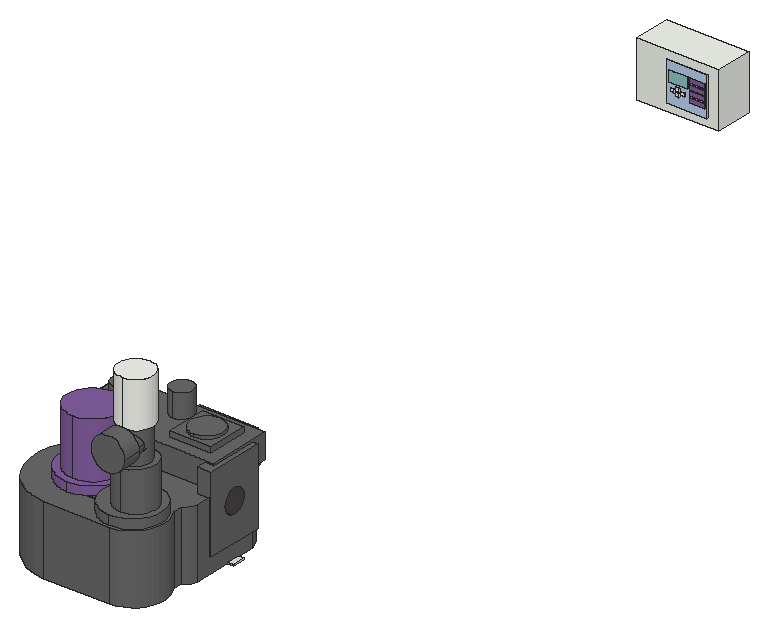
Revit family "28754", category Generic Models, Revit 2021
Family settings
  Can host rebar = No
  Round Connector Dimension = Use Diameter
  Part Type = Normal
  Work Plane-Based = No
  Always vertical = Yes
  Cut with Voids When Loaded = No
  Shared = Yes
  Room Calculation Point = No
Parameters (values of type "28754")
  SUPPLIER = "KESSEL"
  SA700ID50 = "intern"
  SA700ID49 = "Protection Class I"
  SA700ID48 = "no"
  SA700ID47 = "no"
  SA700ID46 = "yes"
  SA700ID37 = 16000 mm
  SA700ID34 = 47
  SA700ID33 = 3.2 W
  SA700ID32 = 49.16 kg
  SA700ID31 = 1
  SA700ID30 = 1
  SA700ID29 = "GLRD"
  SA700ID21 = 1600
  SA700ID10 = "yes"
  SA700ID08 = 400 V
  PROCUREWEBLINK = "https://p.caden.as/kessel/28754"
  PROCURELINK = "p.caden.as/kessel/28754"
  PROCUREDATALASTUPDATE = "2024-05-22T12:18:22.495727613+01:00"
  PRC_SPECIFICATIONLINK = "https://ausschreiben.de/catalog/kessel/catalogItem/5719afa3-e818-4f39-a7dc-ca60df235c69"
  NN = "Lifting station Aqualift F"
  NBSYN = "$SA810ID03."
  NB = "28754"
  Model = "28754"
  Manufacturer = "KESSEL"
  MIdent = "{$CADENAS_DATA/23d-libs/kessel/kessel_vdi_import/4/entwaesserung/hebeanlage20aqualift20f.prj},198 {STYP=ASS},{VTYP=3D},{NB=28754},{LINA=28754},{NN=Lifting station Aqualift F},{DATE=21.11.2022 10:45:45},{GEOMDATE=21.11.2022 10:45:45},{VERSION=},{LINEID=100},{WBVAR=LODLEVEL},{WBNUMERIC=LODLEVEL}  {NB=28754},{LINA=28754},{KT=DUMMY},{PREVIEW=../../bilder/ksb_w_28754.png},{SA700ID04=Hebeanlage Aqualift F, Mono, Comfort, SPF 3000-S3, Schieber},{SA810ID06=04026092054543},{SA700ID34=47.00},{SA010ID03=201805},{SA810ID03=28754},{SA810ID10=Die Hebeanlage für fäkalienhaltiges und fäkalienfreies Abwasser ist mit einer überflutbaren Pumpe sowie einem Rückflussverhinderer ausgestattet. Der Sammelbehälter aus dauerhaft beständigem Kunststoff (PE) bietet universale Anschlussmöglichkeiten und hat eine verschraubte Reinigungsöffnung.Die Steuerung erfolgt durch ein anwenderfreundliches Schaltgerät, das optional über einen potentialfreien Kontakt in die Gebäudeleittechnik eingebunden werden oder Alarm- und Sammelstörmeldungen über eine GSM-Schnittstelle (Comfort Schaltgerät) ausgeben kann.Ausführung:Absperreinrichtung: Schieber aus KunststoffAnlagenart: EinzelanlagePumpensteuerung: SchaltgerätRückflussverhinderer: integriertSchalldämmmatte: jaEinbausituation: freie AufstellungAbwasserart: fäkalienhaltigAllgemeine Merkmale:Farbe: schwarzNorm: EN 12050-1Abmessungen:Länge: 564 mmBreite: 525 mmHöhe: 664 mmBehälter/Grundkörper:Zulauf Anzahl: 1 STZulauf Nennweite (DN): 100 mmZulauf Nennweite (DA): 110 mmZulauf max. Anbohrung (DN): 150 mmAbstand Rohrsohle Zulauf zu Behälterboden: 125 mmAbstand Rohrmitte Auslauf zu Behälterboden: 466 mmAbstand Rohrmitte Zulauf zu Behälterboden: 180 mmAnschluss für Handmembranpumpe (DN): 32Behältervolumen: 50 lDruckabgang: waagerechtDruckabgang (DA): 110 mmDruckabgang (DN): 100 mmEntlüftungsanschluss (DN): 70 mmNutzvolumen: 20 lFreier Kugeldurchgang: 40 mmFördereinrichtung:Pumpe: SPF 3000Anzahl Pumpen: 1Förderhöhe max.: 16 mFörderleistung max.: 47 m3/hBetriebsart: S3 - 50 %Leistung P1: 3,2 kWLeistung P2: 2,7 kWDrehzahl: 2.845 U/minFörderguttemperatur (dauerhaft) max.: 40 °CAnschlusstyp: DirektanschlussGewicht: 24 kgLaufrad Typ: FreistromradLänge Netzanschlussleitung Pumpe: 5 mNennstrom: 5,4 ASchutzart Pumpe: IP 68 (3m/48h)Schutzklasse: ITyp Anschlussleitung Pumpe: H07RN-F 7G 1,5 mm2Temperaturüberwachung: integriertSteuerung:Schaltgerät: ComfortBetriebsspannung: 400 VNetzfrequenz: 50 HzSelbstdiagnosesystem (SDS): jaBatteriepufferung: jaMehrzeilige Displayanzeige: jaLogbuchfunktion: jaGSM-Schnittstelle: jaPotentialfreier Kontakt: jaErforderliche Absicherung (Leitungsschutz): 3 x C 16 AMotorschutz Schalter: jaSchutzart Schaltgerät: IP 54Länge Netzanschlussleitung Schaltgerät: 0 mArt Niveauerfassung: pneumatischInstrument Niveauerfassung: TauchrohrAlarmgeber: Tauchrohr},{SA700ID37=16.00},{SA700ID33=3.20},{SA700ID08=400},{SA700ID30=1},{SA700ID32=49.16},{SA700ID49=Schutzklasse I},{SA700ID50=intern},{SA200ID03=6},{SA250ID03=vertikal},{SA260ID03=Trockenläuferpumpe},{SA350ID03=normalansaugend},{SA400ID03=E-Motor für Drehstrom},{SA460ID03=direkt},{SA500ID03=Kunststoff, Edelstahl},{SA700ID06=100},{SA700ID07=100},{SA700ID09=3/N/PE 400V},{SA700ID10=Ja},{SA700ID11=50},{SA700ID12=IP 68},{SA700ID13=F},{SA700ID15=40},{SA700ID21=1600.00},{SA700ID22=2.70},{SA700ID23=2845},{SA700ID24=2845},{SA700ID26=5.40},{SA700ID27=41.00},{SA700ID28=durchgehend},{SA700ID29=GLRD},{SA700ID31=1},{SA700ID46=ja},{SA700ID47=nein},{SA700ID48=nein},{SA110ID04=Hebeanlage Aqualift F},{SA300ID03=einstufig},{SA700ID44=10.00},{SA700ID45=10.00},{SA010ID04=KESSEL AG},{LODLEVEL=200},{LINK=https://www.kessel.de/info?han=28754},{SA970ID01=970},{SA970ID02=7010},{SA970ID03=28754},{SA970ID04=11002617},{SA970ID05=QUAD},{SA970ID06=-285.5100098},{SA970ID07=-502},{SA970ID08=0},{SA970ID09=1},{SA970ID10=0},{SA970ID11=0},{SA970ID12=0},{SA970ID13=1},{SA970ID14=0},{SA970ID15=560},{SA970ID16=647},{SA970ID17=675},{LODLEVEL_=200,'Low'},{LODLEVEL_DEU=200,'Low'},{LINK_=https://www.kessel.de/info?han=28754},{LINK_DEU=https://www.kessel.de/info?han=28754},{LODLEVEL_3DB=28754_200},{DNIN1=100},{DNIN2=70},{DNIN3=10},{DNIN4=50},{DNIN5=MIN},{DNIN6=MIN},{DNIN7=MIN},{DNIN8=MIN},{DNIN9=MIN},{DNOUT1=100},{DNOUT2=70},{DNOUT3=32},{ISDIN1=75},{ISDIN2=10.000},{ISDIN3=10},{ISDOUT1=60.000},{ISDOUT2=79.500},{ISDOUT3=75},{SA010ID01=010},{SA010ID02=4},{SA010ID06=www.kessel.de},{SA010ID07=www.kessel.de},{SA010ID12=20180713},{SA010ID13=DEU},{SA010ID14=DE},{SA100ID01=100},{SA100ID02=4},{SA100ID04=Entwässerung},{SA110ID01=110},{SA110ID02=4},{SA200ID01=200},{SA200ID02=6},{SA250ID01=250},{SA250ID02=2},{SA260ID01=260},{SA260ID02=2},{SA300ID01=300},{SA300ID02=1},{SA350ID01=350},{SA350ID02=1},{SA400ID01=400},{SA400ID02=2},{SA460ID01=460},{SA460ID02=1},{SA500ID01=500},{SA500ID02=1},{SA700ID01=700},{SA700ID02=22},{SA700ID10_=1},{SA700ID16=0},{SA700ID25=0},{SA700ID46_=1},{SA700ID47_=0},{SA700ID48_=0},{SA700ID49_=1},{SA700ID50_=2},{SA800ID01=800},{SA800ID02=22},{SA810ID01=810},{SA810ID02=22},{SA810ID04=28754},{SA810ID07=22},{SA810ID09=1},{SA810ID14=PCE},{SA810ID15=1},{SA810ID16=NMP},{SA960ID03=22},{SA960ID04=3L},{SA960ID08=https://www.kessel.de/info?han=28754},{SA010ID08=4026092000007},{SA100ID05=Hebeanlage},{SA110ID06=Hebeanlage}"
  LINK = "https://www.kessel.de/info?han=28754"
  LINA = "28754"
  Default Elevation = 0 mm
  CREATOR = "CADENAS GmbH"
  CATALOG = "KESSEL"
  BOMINFO = "LINA"
  ARTICLENO = "NB"
  4.810.00.9 Order quantity (multiplicator) = "1"
  4.810.00.7 Media- connection number = "22"
  4.810.00.6 GTIN number = "04026092054543"
  4.810.00.4 DATANORM number = "28754"
  4.810.00.3 Producer order number = "28754"
  4.710.03.7 Mass (net) = 49.16 kg
  4.710.03.6 Height = 664 mm
  4.710.03.5 Width = 525 mm
  4.710.03.4 Length = 564 mm
  4.710.03.3 Type of dimensions = "2"
  4.710.02.8 Area of application of wastewater pump = "1"
  4.710.02.7 Art des S2/S3-Betriebs = "50 %"
  4.710.02.6 Duty type = "S3"
  4.710.02.5 Cutting device = "0"
  4.710.02.4 Attached pump control = "1"
  4.710.02.3 Free passage = 40 mm
  4.710.01.6 Option to connect to building automation = "40"
  4.710.01.5 Load regulation = "0"
  4.710.01.4 Designation of closed-loop control = "20"
  4.710.01.3 Identifier for closed-loop control = "50"
  4.700.00.9 Voltage = 0
  4.700.00.8 Nominal connection size on suction side = "100"
  4.700.00.7 Nominal connection size on pressure side = "100"
  4.700.00.6 Type of connection = "100"
  4.700.00.4 Product indentification = "Hebeanlage Aqualift F, Mono, Comfort, SPF 3000-S3, Schieber"
  4.700.00.28 Motor pump shaft = "durchgehend"
  4.700.00.27 Starting current = 41
  4.700.00.26 Maximum power consumption per pump / drive = 5.4
  4.700.00.25 Minimum speed at internal speed adjustment = 0
  4.700.00.24 Nominal speed / maximum speed n = 47.4167
  4.700.00.23 Nominal speed of motor = 47.4167
  4.700.00.22 Maximum shaft output (P2) per pump/drive = 2.7 W
  4.700.00.16 Maximum temperature of pumped medium = 0 °C
  4.700.00.15 Increased safety class = "40 °C"
  4.700.00.13 Type of protection = "F"
  4.700.00.12 Frequency = 0
  4.700.00.11 Stern-/Dreieck-Anlaufschaltung bei Dreiphasenanschluss oder Drehstrom = "50 Hz"
  4.700.00.10 Phase = "1"
  4.500.00.3 Variant / Variant type / Accessories-name = "Kunststoff, Edelstahl"
  4.460.00.3 Variant / Variant type / Accessories-name = "direkt"
  4.400.00.3 Variant / Variant type / Accessories-name = "E-Motor für Drehstrom"
  4.350.00.3 Variant / Variant type / Accessories-name = "normalansaugend"
  4.300.00.3 Variant / Variant type / Accessories-name = "einstufig"
  4.260.00.3 Variant / Variant type / Accessories-name = "Trockenläuferpumpe"
  4.250.00.3 Variant / Variant type / Accessories-name = "vertikal"
  4.200.00.3 Variant / Variant type / Accessories-name = "6"
  4.110.00.6 Product classification = "Hebeanlage"
  4.110.00.4 Product indentification = "Hebeanlage Aqualift F"
  4.100.00.5 Main groups of wares = "Hebeanlage"
  4.100.00.4 Product indentification = "Entwässerung"
  4.010.00.8 Producer ID number = "4026092000007"
  4.010.00.7 Comment = "www.kessel.de"
  4.010.00.6 Web address of the manufacturer = "www.kessel.de"
  4.010.00.4 Manufacturer name = "KESSEL AG"
  4.010.00.3 Date of issuance (month) of guideline = "201805"
  4.010.00.2 Sheet number of the guideline = "4"
  4.010.00.14 Kennungen der Projektländer, für die die Datei gültig ist = "DE"
  4.010.00.13 Sprache der Datei = "DEU"
  4.010.00.12 Stand des Herstellerkatalogs = "20180713"
Reference planes
  plane 1 "Center (Front/Back)": y = 0
  plane 2: z = 0
  plane 3 "Center (Left/Right)": x = 0
Forms (mm)
  Extrusion 1, void
    sketch origin (259.8, -99.998, 186) x (0, -1, 0) y (0, 0, 1)
      loop
        line (-0.5, -0.5) -> (0.5, -0.5) -> (0.5, 0.5) -> (-0.5, 0.5) -> (-0.5, -0.5)
    from 0 to 1
Dimensions and locks
  locked: plane 2 to Extrusion 1 at 186.5
  locked: plane 2 to Extrusion 1 at 185.5
  aligned and locked: level to plane 2
Nested families
  nested 1: "28754_content" at (0, 0, 0), type "28754_Content"
  nested 2: "28754_part1_X0Y0" at (1000, 1000, 1200), type "28754_PART1_X0Y0"
  nested 3: "28754_part2_X0Y0" at (0, 0, 0), type "28754_PART2_X0Y0"
Connectors
  electrical at (911, 934.75, 1201.5)
    settings: on nested 2, index 1, voltage 0 V, apparent load 0 VA, apparent load phase1 0 VA, apparent load phase2 0 VA, apparent load phase3 0 VA, power factor 1, load classification "Other", number of poles 1, system type 31, power factor state 1, is connector primary yes, connector utility no, sub classification motor no, connector description ""
  piping at (105.4, 145, 181), diameter 100
    settings: on nested 3, index 2, connector inside diameter 609.6 mm, connector length 0 mm, flow factor 0, pipe flow 0.0 L/s, pressure drop 0.0 Pa, fitting loss kfactor 0, connector angle 0.00°, fixture units 0, engagement length 0 mm, angle of deflection 0.00°, flow configuration 0, flow direction 1, fitting loss method 2, system type 29, joint type 0, gender type 0, connector reference index -1, connector utility 0, adjustable connector no, is connector primary yes, connector description ""
  piping at (259.8, -99.998, 186), diameter 70
    settings: on Extrusion 1, index 3, connector inside diameter 609.6 mm, connector length 0 mm, flow factor 0, pipe flow 0.0 L/s, pressure drop 0.0 Pa, fitting loss kfactor 0, connector angle 0.00°, fixture units 0, engagement length 0 mm, angle of deflection 0.00°, flow configuration 0, flow direction 0, fitting loss method 2, system type 29, joint type 0, gender type 0, connector reference index -1, connector utility 0, adjustable connector no, is connector primary no, connector description ""
  piping at (150.4, -502, 467), diameter 100
    settings: on nested 3, index 4, connector inside diameter 609.6 mm, connector length 0 mm, flow factor 0, pipe flow 0.0 L/s, pressure drop 0.0 Pa, fitting loss kfactor 0, connector angle 0.00°, fixture units 0, engagement length 0 mm, angle of deflection 0.00°, flow configuration 0, flow direction 2, fitting loss method 2, system type 29, joint type 0, gender type 0, connector reference index -1, connector utility 0, adjustable connector no, is connector primary no, connector description ""
  piping at (0, 0, 401), diameter 70
    settings: on nested 3, index 5, connector inside diameter 609.6 mm, connector length 0 mm, flow factor 0, pipe flow 0.0 L/s, pressure drop 0.0 Pa, fitting loss kfactor 0, connector angle 0.00°, fixture units 0, engagement length 0 mm, angle of deflection 0.00°, flow configuration 0, flow direction 2, fitting loss method 2, system type 29, joint type 0, gender type 0, connector reference index -1, connector utility 0, adjustable connector no, is connector primary no, connector description ""
  piping at (105.4, 145, 81), diameter 32
    settings: on nested 3, index 6, connector inside diameter 609.6 mm, connector length 0 mm, flow factor 0, pipe flow 0.0 L/s, pressure drop 0.0 Pa, fitting loss kfactor 0, connector angle 0.00°, fixture units 0, engagement length 0 mm, angle of deflection 0.00°, flow configuration 0, flow direction 2, fitting loss method 2, system type 29, joint type 0, gender type 0, connector reference index -1, connector utility 0, adjustable connector no, is connector primary no, connector description ""
  electrical at (-65, -299.8, 457)
    settings: on nested 3, index 7, voltage 0 V, apparent load 0 VA, apparent load phase1 0 VA, apparent load phase2 0 VA, apparent load phase3 0 VA, power factor 1, load classification "Other", number of poles 1, system type 31, power factor state 1, is connector primary no, connector utility no, sub classification motor no, connector description ""
  electrical at (-165.999, -46, 376.6)
    settings: on nested 3, index 8, voltage 0 V, apparent load 0 VA, apparent load phase1 0 VA, apparent load phase2 0 VA, apparent load phase3 0 VA, power factor 1, load classification "Other", number of poles 1, system type 31, power factor state 1, is connector primary no, connector utility no, sub classification motor no, connector description ""
Definition of nested family "28754_part1_X0Y0"
  Parameters (values of type "28754_PART1_X0Y0")
    SUPPLIER = "KESSEL"
    SA700ID50 = "intern"
    SA700ID49 = "Protection Class I"
    SA700ID48 = "no"
    SA700ID47 = "no"
    SA700ID46 = "yes"
    SA700ID37 = 16000 mm
    SA700ID34 = 47
    SA700ID33 = 3.2 W
    SA700ID32 = 49.16 kg
    SA700ID31 = 1
    SA700ID30 = 1
    SA700ID29 = "GLRD"
    SA700ID21 = 1600
    SA700ID10 = "yes"
    SA700ID08 = 400 V
    NBSYN = "$SA810ID03._PART1"
    NB = "28754_PART1"
    Model = "28754_PART1"
    Manufacturer = "KESSEL"
    MIdent = "{$CADENAS_DATA/23d-libs/kessel/kessel_vdi_import/4/entwaesserung/hebeanlage20aqualift20f.prj},218 {VTYP=3D},{NB=28754_PART1},{LINA=28754_PART1},{NN=Lifting station Aqualift F_PART1},{NOPRJ=TRUE},{DATE=21.11.2022 10:45:45},{GEOMDATE=21.11.2022 10:45:45},{VERSION=},{LINEID=100},{WBVAR=LODLEVEL},{WBNUMERIC=LODLEVEL}  {NB=28754_PART1},{LINA=28754_PART1},{KT=DUMMY},{PREVIEW=../../bilder/ksb_w_28754.png},{SA700ID04=Hebeanlage Aqualift F, Mono, Comfort, SPF 3000-S3, Schieber},{SA810ID06=04026092054543},{SA700ID34=47.00},{SA010ID03=201805},{SA810ID03=28754},{SA810ID10=Die Hebeanlage für fäkalienhaltiges und fäkalienfreies Abwasser ist mit einer überflutbaren Pumpe sowie einem Rückflussverhinderer ausgestattet. Der Sammelbehälter aus dauerhaft beständigem Kunststoff (PE) bietet universale Anschlussmöglichkeiten und hat eine verschraubte Reinigungsöffnung.Die Steuerung erfolgt durch ein anwenderfreundliches Schaltgerät, das optional über einen potentialfreien Kontakt in die Gebäudeleittechnik eingebunden werden oder Alarm- und Sammelstörmeldungen über eine GSM-Schnittstelle (Comfort Schaltgerät) ausgeben kann.Ausführung:Absperreinrichtung: Schieber aus KunststoffAnlagenart: EinzelanlagePumpensteuerung: SchaltgerätRückflussverhinderer: integriertSchalldämmmatte: jaEinbausituation: freie AufstellungAbwasserart: fäkalienhaltigAllgemeine Merkmale:Farbe: schwarzNorm: EN 12050-1Abmessungen:Länge: 564 mmBreite: 525 mmHöhe: 664 mmBehälter/Grundkörper:Zulauf Anzahl: 1 STZulauf Nennweite (DN): 100 mmZulauf Nennweite (DA): 110 mmZulauf max. Anbohrung (DN): 150 mmAbstand Rohrsohle Zulauf zu Behälterboden: 125 mmAbstand Rohrmitte Auslauf zu Behälterboden: 466 mmAbstand Rohrmitte Zulauf zu Behälterboden: 180 mmAnschluss für Handmembranpumpe (DN): 32Behältervolumen: 50 lDruckabgang: waagerechtDruckabgang (DA): 110 mmDruckabgang (DN): 100 mmEntlüftungsanschluss (DN): 70 mmNutzvolumen: 20 lFreier Kugeldurchgang: 40 mmFördereinrichtung:Pumpe: SPF 3000Anzahl Pumpen: 1Förderhöhe max.: 16 mFörderleistung max.: 47 m3/hBetriebsart: S3 - 50 %Leistung P1: 3,2 kWLeistung P2: 2,7 kWDrehzahl: 2.845 U/minFörderguttemperatur (dauerhaft) max.: 40 °CAnschlusstyp: DirektanschlussGewicht: 24 kgLaufrad Typ: FreistromradLänge Netzanschlussleitung Pumpe: 5 mNennstrom: 5,4 ASchutzart Pumpe: IP 68 (3m/48h)Schutzklasse: ITyp Anschlussleitung Pumpe: H07RN-F 7G 1,5 mm2Temperaturüberwachung: integriertSteuerung:Schaltgerät: ComfortBetriebsspannung: 400 VNetzfrequenz: 50 HzSelbstdiagnosesystem (SDS): jaBatteriepufferung: jaMehrzeilige Displayanzeige: jaLogbuchfunktion: jaGSM-Schnittstelle: jaPotentialfreier Kontakt: jaErforderliche Absicherung (Leitungsschutz): 3 x C 16 AMotorschutz Schalter: jaSchutzart Schaltgerät: IP 54Länge Netzanschlussleitung Schaltgerät: 0 mArt Niveauerfassung: pneumatischInstrument Niveauerfassung: TauchrohrAlarmgeber: Tauchrohr},{SA700ID37=16.00},{SA700ID33=3.20},{SA700ID08=400},{SA700ID30=1},{SA700ID32=49.16},{SA700ID49=Schutzklasse I},{SA700ID50=intern},{SA200ID03=6},{SA250ID03=vertikal},{SA260ID03=Trockenläuferpumpe},{SA350ID03=normalansaugend},{SA400ID03=E-Motor für Drehstrom},{SA460ID03=direkt},{SA500ID03=Kunststoff, Edelstahl},{SA700ID06=100},{SA700ID07=100},{SA700ID09=3/N/PE 400V},{SA700ID10=Ja},{SA700ID11=50},{SA700ID12=IP 68},{SA700ID13=F},{SA700ID15=40},{SA700ID21=1600.00},{SA700ID22=2.70},{SA700ID23=2845},{SA700ID24=2845},{SA700ID26=5.40},{SA700ID27=41.00},{SA700ID28=durchgehend},{SA700ID29=GLRD},{SA700ID31=1},{SA700ID46=ja},{SA700ID47=nein},{SA700ID48=nein},{SA110ID04=Hebeanlage Aqualift F},{SA300ID03=einstufig},{SA700ID44=10.00},{SA700ID45=10.00},{SA010ID04=KESSEL AG},{LODLEVEL=200},{LINK=https://www.kessel.de/info?han=28754},{SA970ID01=970},{SA970ID02=7010},{SA970ID03=28754},{SA970ID04=11002617},{SA970ID05=QUAD},{SA970ID06=-285.5100098},{SA970ID07=-502},{SA970ID08=0},{SA970ID09=1},{SA970ID10=0},{SA970ID11=0},{SA970ID12=0},{SA970ID13=1},{SA970ID14=0},{SA970ID15=560},{SA970ID16=647},{SA970ID17=675},{LODLEVEL_=200,'Low'},{LODLEVEL_DEU=200,'Low'},{LINK_=https://www.kessel.de/info?han=28754},{LINK_DEU=https://www.kessel.de/info?han=28754},{LODLEVEL_3DB=28754_200},{DNIN1=100},{DNIN2=70},{DNIN3=10},{DNIN4=50},{DNIN5=MIN},{DNIN6=MIN},{DNIN7=MIN},{DNIN8=MIN},{DNIN9=MIN},{DNOUT1=100},{DNOUT2=70},{DNOUT3=32},{ISDIN1=75},{ISDIN2=10.000},{ISDIN3=10},{ISDOUT1=60.000},{ISDOUT2=79.500},{ISDOUT3=75},{SA010ID01=010},{SA010ID02=4},{SA010ID06=www.kessel.de},{SA010ID07=www.kessel.de},{SA010ID12=20180713},{SA010ID13=DEU},{SA010ID14=DE},{SA100ID01=100},{SA100ID02=4},{SA100ID04=Entwässerung},{SA110ID01=110},{SA110ID02=4},{SA200ID01=200},{SA200ID02=6},{SA250ID01=250},{SA250ID02=2},{SA260ID01=260},{SA260ID02=2},{SA300ID01=300},{SA300ID02=1},{SA350ID01=350},{SA350ID02=1},{SA400ID01=400},{SA400ID02=2},{SA460ID01=460},{SA460ID02=1},{SA500ID01=500},{SA500ID02=1},{SA700ID01=700},{SA700ID02=22},{SA700ID10_=1},{SA700ID16=0},{SA700ID25=0},{SA700ID46_=1},{SA700ID47_=0},{SA700ID48_=0},{SA700ID49_=1},{SA700ID50_=2},{SA800ID01=800},{SA800ID02=22},{SA810ID01=810},{SA810ID02=22},{SA810ID04=28754},{SA810ID07=22},{SA810ID09=1},{SA810ID14=PCE},{SA810ID15=1},{SA810ID16=NMP},{SA960ID03=22},{SA960ID04=3L},{SA960ID08=https://www.kessel.de/info?han=28754},{SA010ID08=4026092000007},{SA100ID05=Hebeanlage},{SA110ID06=Hebeanlage}"
    LINK = "https://www.kessel.de/info?han=28754"
    LINA = "28754_PART1"
    Default Elevation = 1219.2 mm
    CREATOR = "CADENAS GmbH"
    CATALOG = "KESSEL"
    BOMINFO = "LINA"
    ARTICLENO = "NB"
    4.810.00.9 Order quantity (multiplicator) = "1"
    4.810.00.7 Media- connection number = "22"
    4.810.00.6 GTIN number = "04026092054543"
    4.810.00.4 DATANORM number = "28754"
    4.810.00.3 Producer order number = "28754"
    4.710.03.7 Mass (net) = 49.16 kg
    4.710.03.6 Height = 664 mm
    4.710.03.5 Width = 525 mm
    4.710.03.4 Length = 564 mm
    4.710.03.3 Type of dimensions = "2"
    4.710.02.8 Area of application of wastewater pump = "1"
    4.710.02.7 Art des S2/S3-Betriebs = "50 %"
    4.710.02.6 Duty type = "S3"
    4.710.02.5 Cutting device = "0"
    4.710.02.4 Attached pump control = "1"
    4.710.02.3 Free passage = 40 mm
    4.710.01.6 Option to connect to building automation = "40"
    4.710.01.5 Load regulation = "0"
    4.710.01.4 Designation of closed-loop control = "20"
    4.710.01.3 Identifier for closed-loop control = "50"
    4.700.00.9 Voltage = 0
    4.700.00.8 Nominal connection size on suction side = "100"
    4.700.00.7 Nominal connection size on pressure side = "100"
    4.700.00.6 Type of connection = "100"
    4.700.00.4 Product indentification = "Hebeanlage Aqualift F, Mono, Comfort, SPF 3000-S3, Schieber"
    4.700.00.28 Motor pump shaft = "durchgehend"
    4.700.00.27 Starting current = 41
    4.700.00.26 Maximum power consumption per pump / drive = 5.4
    4.700.00.25 Minimum speed at internal speed adjustment = 0
    4.700.00.24 Nominal speed / maximum speed n = 47.4167
    4.700.00.23 Nominal speed of motor = 47.4167
    4.700.00.22 Maximum shaft output (P2) per pump/drive = 2.7 W
    4.700.00.16 Maximum temperature of pumped medium = 0 °C
    4.700.00.15 Increased safety class = "40 °C"
    4.700.00.13 Type of protection = "F"
    4.700.00.12 Frequency = 0
    4.700.00.11 Stern-/Dreieck-Anlaufschaltung bei Dreiphasenanschluss oder Drehstrom = "50 Hz"
    4.700.00.10 Phase = "1"
    4.500.00.3 Variant / Variant type / Accessories-name = "Kunststoff, Edelstahl"
    4.460.00.3 Variant / Variant type / Accessories-name = "direkt"
    4.400.00.3 Variant / Variant type / Accessories-name = "E-Motor für Drehstrom"
    4.350.00.3 Variant / Variant type / Accessories-name = "normalansaugend"
    4.300.00.3 Variant / Variant type / Accessories-name = "einstufig"
    4.260.00.3 Variant / Variant type / Accessories-name = "Trockenläuferpumpe"
    4.250.00.3 Variant / Variant type / Accessories-name = "vertikal"
    4.200.00.3 Variant / Variant type / Accessories-name = "6"
    4.110.00.6 Product classification = "Hebeanlage"
    4.110.00.4 Product indentification = "Hebeanlage Aqualift F"
    4.100.00.5 Main groups of wares = "Hebeanlage"
    4.100.00.4 Product indentification = "Entwässerung"
    4.010.00.8 Producer ID number = "4026092000007"
    4.010.00.7 Comment = "www.kessel.de"
    4.010.00.6 Web address of the manufacturer = "www.kessel.de"
    4.010.00.4 Manufacturer name = "KESSEL AG"
    4.010.00.3 Date of issuance (month) of guideline = "201805"
    4.010.00.2 Sheet number of the guideline = "4"
    4.010.00.14 Kennungen der Projektländer, für die die Datei gültig ist = "DE"
    4.010.00.13 Sprache der Datei = "DEU"
    4.010.00.12 Stand des Herstellerkatalogs = "20180713"
  Reference planes
    plane 1 "Center (Front/Back)": y = 0
    plane 2: z = 0
    plane 3 "Center (Left/Right)": x = 0
  Dimensions and locks
    aligned and locked: level to plane 2
  Nested families
    nested 1: "28754_part1_content" at (0, 0, 0), type "28754_PART1_Content"
  Definition of nested family "28754_part1_content"
    Parameters (values of type "28754_PART1_Content")
      SUPPLIER = "KESSEL"
      SA700ID50 = "intern"
      SA700ID49 = "Protection Class I"
      SA700ID48 = "no"
      SA700ID47 = "no"
      SA700ID46 = "yes"
      SA700ID37 = 16000 mm
      SA700ID34 = 47
      SA700ID33 = 3.2 W
      SA700ID32 = 49.16 kg
      SA700ID31 = 1
      SA700ID30 = 1
      SA700ID29 = "GLRD"
      SA700ID21 = 1600
      SA700ID10 = "yes"
      SA700ID08 = 400 V
      NBSYN = "$SA810ID03._PART1"
      NB = "28754_PART1"
      Model = "28754_PART1"
      Manufacturer = "KESSEL"
      LINK = "https://www.kessel.de/info?han=28754"
      LINA = "28754_PART1"
      Default Elevation = 1219.2 mm
      CREATOR = "CADENAS GmbH"
      CATALOG = "KESSEL"
      BOMINFO = "LINA"
      ARTICLENO = "NB"
      4.810.00.9 Order quantity (multiplicator) = "1"
      4.810.00.7 Media- connection number = "22"
      4.810.00.6 GTIN number = "04026092054543"
      4.810.00.4 DATANORM number = "28754"
      4.810.00.3 Producer order number = "28754"
      4.710.03.7 Mass (net) = 49.16 kg
      4.710.03.6 Height = 664 mm
      4.710.03.5 Width = 525 mm
      4.710.03.4 Length = 564 mm
      4.710.03.3 Type of dimensions = "2"
      4.710.02.8 Area of application of wastewater pump = "1"
      4.710.02.7 Art des S2/S3-Betriebs = "50 %"
      4.710.02.6 Duty type = "S3"
      4.710.02.5 Cutting device = "0"
      4.710.02.4 Attached pump control = "1"
      4.710.02.3 Free passage = 40 mm
      4.710.01.6 Option to connect to building automation = "40"
      4.710.01.5 Load regulation = "0"
      4.710.01.4 Designation of closed-loop control = "20"
      4.710.01.3 Identifier for closed-loop control = "50"
      4.700.00.9 Voltage = 0
      4.700.00.8 Nominal connection size on suction side = "100"
      4.700.00.7 Nominal connection size on pressure side = "100"
      4.700.00.6 Type of connection = "100"
      4.700.00.4 Product indentification = "Hebeanlage Aqualift F, Mono, Comfort, SPF 3000-S3, Schieber"
      4.700.00.28 Motor pump shaft = "durchgehend"
      4.700.00.27 Starting current = 41
      4.700.00.26 Maximum power consumption per pump / drive = 5.4
      4.700.00.25 Minimum speed at internal speed adjustment = 0
      4.700.00.24 Nominal speed / maximum speed n = 47.4167
      4.700.00.23 Nominal speed of motor = 47.4167
      4.700.00.22 Maximum shaft output (P2) per pump/drive = 2.7 W
      4.700.00.16 Maximum temperature of pumped medium = 0 °C
      4.700.00.15 Increased safety class = "40 °C"
      4.700.00.13 Type of protection = "F"
      4.700.00.12 Frequency = 0
      4.700.00.11 Stern-/Dreieck-Anlaufschaltung bei Dreiphasenanschluss oder Drehstrom = "50 Hz"
      4.700.00.10 Phase = "1"
      4.500.00.3 Variant / Variant type / Accessories-name = "Kunststoff, Edelstahl"
      4.460.00.3 Variant / Variant type / Accessories-name = "direkt"
      4.400.00.3 Variant / Variant type / Accessories-name = "E-Motor für Drehstrom"
      4.350.00.3 Variant / Variant type / Accessories-name = "normalansaugend"
      4.300.00.3 Variant / Variant type / Accessories-name = "einstufig"
      4.260.00.3 Variant / Variant type / Accessories-name = "Trockenläuferpumpe"
      4.250.00.3 Variant / Variant type / Accessories-name = "vertikal"
      4.200.00.3 Variant / Variant type / Accessories-name = "6"
      4.110.00.6 Product classification = "Hebeanlage"
      4.110.00.4 Product indentification = "Hebeanlage Aqualift F"
      4.100.00.5 Main groups of wares = "Hebeanlage"
      4.100.00.4 Product indentification = "Entwässerung"
      4.010.00.8 Producer ID number = "4026092000007"
      4.010.00.7 Comment = "www.kessel.de"
      4.010.00.6 Web address of the manufacturer = "www.kessel.de"
      4.010.00.4 Manufacturer name = "KESSEL AG"
      4.010.00.3 Date of issuance (month) of guideline = "201805"
      4.010.00.2 Sheet number of the guideline = "4"
      4.010.00.14 Kennungen der Projektländer, für die die Datei gültig ist = "DE"
      4.010.00.13 Sprache der Datei = "DEU"
      4.010.00.12 Stand des Herstellerkatalogs = "20180713"
    Reference planes
      plane 1 "Center (Front/Back)": y = 0
      plane 2: z = 0
      plane 3 "Center (Left/Right)": x = 0
    Forms (mm)
      Extrusion 1, solid, detail levels medium+fine
        sketch origin (139, 0, 0.2) x (0, -1, 0) y (0, 0, 1)
          loop
            line (0, 187.8) -> (0, 0) -> (127.75, 0) -> (127.75, 187.8) -> (0, 187.8)
        from 0 to 278
      Extrusion 2, solid, detail levels medium+fine
        sketch origin (101, -127.75, 26.5) x (0, -1, 0) y (0, 0, 1)
          loop
            line (-1.2, 134.8) -> (-1.2, 0) -> (0.25, 0) -> (0.25, 134.8) -> (-1.2, 134.8)
        from 0 to 139.9
      Extrusion 3, solid, detail levels medium+fine
        sketch origin (22.75, -128, 66) x (0, -1, 0) y (0, 0, 1)
          loop
            line (-1, 12) -> (-1, 0) -> (0.5, 0) -> (0.5, 12) -> (-1, 12)
        from 0 to 12
      Extrusion 4, solid, detail levels medium+fine
        sketch origin (34.65, -128, 93.4) x (0, -1, 0) y (0, 0, 1)
          loop
            line (-1, 37) -> (-1, 0) -> (0.5, 0) -> (0.5, 37) -> (-1, 37)
        from 0 to 66
      Extrusion 5, solid, detail levels medium+fine
        sketch origin (5.5, -128, 74) x (0, -1, 0) y (0, 0, 1)
          loop
            line (-1, 12) -> (-1, 0) -> (0.5, 0) -> (0.5, 12) -> (-1, 12)
        from 0 to 12
      Extrusion 6, solid, detail levels medium+fine
        sketch origin (93.5, -128, 94.4) x (0, -1, 0) y (0, 0, 1)
          loop
            line (0, 16) -> (0, 0) -> (1.75, 0) -> (1.75, 16) -> (0, 16)
        from 0 to 51
      Extrusion 7, solid, detail levels medium+fine
        sketch origin (93.5, -128, 74.4) x (0, -1, 0) y (0, 0, 1)
          loop
            line (0, 16) -> (0, 0) -> (1.75, 0) -> (1.75, 16) -> (0, 16)
        from 0 to 51
      Extrusion 8, solid, detail levels medium+fine
        sketch origin (5.5, -128, 57.5) x (0, -1, 0) y (0, 0, 1)
          loop
            line (-1, 12) -> (-1, 0) -> (0.5, 0) -> (0.5, 12) -> (-1, 12)
        from 0 to 12
      Extrusion 9, solid, detail levels medium+fine
        sketch origin (93.5, -128, 114.4) x (0, -1, 0) y (0, 0, 1)
          loop
            line (0, 16) -> (0, 0) -> (1.75, 0) -> (1.75, 16) -> (0, 16)
        from 0 to 51
      Extrusion 10, solid, detail levels medium+fine
        sketch origin (93.5, -128, 54.4) x (0, -1, 0) y (0, 0, 1)
          loop
            line (0, 16) -> (0, 0) -> (1.75, 0) -> (1.75, 16) -> (0, 16)
        from 0 to 51
      Extrusion 11, solid, detail levels medium+fine
        sketch origin (-11.75, -128, 66) x (0, -1, 0) y (0, 0, 1)
          loop
            line (-1, 12) -> (-1, 0) -> (0.5, 0) -> (0.5, 12) -> (-1, 12)
        from 0 to 12
      Extrusion 12, solid, detail levels medium+fine
        sketch origin (12, -40.25, 0) x (0, 1, 0) y (-1, 0, 0)
          loop
            circle (0, 0) r 5.25
        from 0 to 1.5
      Extrusion 13, solid, detail levels medium+fine
        sketch origin (27, -70.25, 0) x (0, 1, 0) y (-1, 0, 0)
          loop
            circle (0, 0) r 8
        from 0 to 1.5
      Extrusion 14, solid, detail levels medium+fine
        sketch origin (-44, -65.25, 0) x (0, 1, 0) y (-1, 0, 0)
          loop
            circle (0, 0) r 12.5
        from 0 to 1.5
      Extrusion 15, solid, detail levels medium+fine
        sketch origin (42, -42, 0) x (0, 1, 0) y (-1, 0, 0)
          loop
            circle (0, 0) r 8
        from 0 to 1.5
      Extrusion 16, solid, detail levels medium+fine
        sketch origin (57, -70.25, 0) x (0, 1, 0) y (-1, 0, 0)
          loop
            circle (0, 0) r 8
        from 0 to 1.5
      Extrusion 17, solid, detail levels medium+fine
        sketch origin (72, -42, 0) x (0, 1, 0) y (-1, 0, 0)
          loop
            circle (0, 0) r 8
        from 0 to 1.5
      Extrusion 18, solid, detail levels medium+fine
        sketch origin (87, -70.25, 0) x (0, 1, 0) y (-1, 0, 0)
          loop
            circle (0, 0) r 8
        from 0 to 1.5
      Extrusion 19, solid, detail levels medium+fine
        sketch origin (-89, -65.25, 0) x (0, 1, 0) y (-1, 0, 0)
          loop
            circle (0, 0) r 12.5
        from 0 to 1.5
      Extrusion 20, solid, detail levels medium+fine
        sketch origin (77, -15, 0) x (0, 1, 0) y (-1, 0, 0)
          loop
            circle (0, 0) r 6
        from 0 to 1.5
      Extrusion 21, solid, detail levels medium+fine
        sketch origin (102, -42, 0) x (0, 1, 0) y (-1, 0, 0)
          loop
            circle (0, 0) r 8
        from 0 to 1.5
      Extrusion 22, solid, detail levels coarse
        sketch origin (0, -64.875, 0) x (1, 0, 0) y (0, 1, 0)
          loop
            line (-139, -64.875) -> (139, -64.875) -> (139, 64.875) -> (-139, 64.875) -> (-139, -64.875)
        from 0 to 188
    Dimensions and locks
      aligned and locked: level to plane 2
Definition of nested family "28754_part2_X0Y0"
  Parameters (values of type "28754_PART2_X0Y0")
    SUPPLIER = "KESSEL"
    SA700ID50 = "intern"
    SA700ID49 = "Protection Class I"
    SA700ID48 = "no"
    SA700ID47 = "no"
    SA700ID46 = "yes"
    SA700ID37 = 16000 mm
    SA700ID34 = 47
    SA700ID33 = 3.2 W
    SA700ID32 = 49.16 kg
    SA700ID31 = 1
    SA700ID30 = 1
    SA700ID29 = "GLRD"
    SA700ID21 = 1600
    SA700ID10 = "yes"
    SA700ID08 = 400 V
    NBSYN = "$SA810ID03._PART2"
    NB = "28754_PART2"
    Model = "28754_PART2"
    Manufacturer = "KESSEL"
    MIdent = "{$CADENAS_DATA/23d-libs/kessel/kessel_vdi_import/4/entwaesserung/hebeanlage20aqualift20f.prj},218 {VTYP=3D},{NB=28754_PART2},{LINA=28754_PART2},{NN=Lifting station Aqualift F_PART2},{NOPRJ=TRUE},{DATE=21.11.2022 10:45:45},{GEOMDATE=21.11.2022 10:45:45},{VERSION=},{LINEID=100},{WBVAR=LODLEVEL},{WBNUMERIC=LODLEVEL}  {NB=28754_PART2},{LINA=28754_PART2},{KT=DUMMY},{PREVIEW=../../bilder/ksb_w_28754.png},{SA700ID04=Hebeanlage Aqualift F, Mono, Comfort, SPF 3000-S3, Schieber},{SA810ID06=04026092054543},{SA700ID34=47.00},{SA010ID03=201805},{SA810ID03=28754},{SA810ID10=Die Hebeanlage für fäkalienhaltiges und fäkalienfreies Abwasser ist mit einer überflutbaren Pumpe sowie einem Rückflussverhinderer ausgestattet. Der Sammelbehälter aus dauerhaft beständigem Kunststoff (PE) bietet universale Anschlussmöglichkeiten und hat eine verschraubte Reinigungsöffnung.Die Steuerung erfolgt durch ein anwenderfreundliches Schaltgerät, das optional über einen potentialfreien Kontakt in die Gebäudeleittechnik eingebunden werden oder Alarm- und Sammelstörmeldungen über eine GSM-Schnittstelle (Comfort Schaltgerät) ausgeben kann.Ausführung:Absperreinrichtung: Schieber aus KunststoffAnlagenart: EinzelanlagePumpensteuerung: SchaltgerätRückflussverhinderer: integriertSchalldämmmatte: jaEinbausituation: freie AufstellungAbwasserart: fäkalienhaltigAllgemeine Merkmale:Farbe: schwarzNorm: EN 12050-1Abmessungen:Länge: 564 mmBreite: 525 mmHöhe: 664 mmBehälter/Grundkörper:Zulauf Anzahl: 1 STZulauf Nennweite (DN): 100 mmZulauf Nennweite (DA): 110 mmZulauf max. Anbohrung (DN): 150 mmAbstand Rohrsohle Zulauf zu Behälterboden: 125 mmAbstand Rohrmitte Auslauf zu Behälterboden: 466 mmAbstand Rohrmitte Zulauf zu Behälterboden: 180 mmAnschluss für Handmembranpumpe (DN): 32Behältervolumen: 50 lDruckabgang: waagerechtDruckabgang (DA): 110 mmDruckabgang (DN): 100 mmEntlüftungsanschluss (DN): 70 mmNutzvolumen: 20 lFreier Kugeldurchgang: 40 mmFördereinrichtung:Pumpe: SPF 3000Anzahl Pumpen: 1Förderhöhe max.: 16 mFörderleistung max.: 47 m3/hBetriebsart: S3 - 50 %Leistung P1: 3,2 kWLeistung P2: 2,7 kWDrehzahl: 2.845 U/minFörderguttemperatur (dauerhaft) max.: 40 °CAnschlusstyp: DirektanschlussGewicht: 24 kgLaufrad Typ: FreistromradLänge Netzanschlussleitung Pumpe: 5 mNennstrom: 5,4 ASchutzart Pumpe: IP 68 (3m/48h)Schutzklasse: ITyp Anschlussleitung Pumpe: H07RN-F 7G 1,5 mm2Temperaturüberwachung: integriertSteuerung:Schaltgerät: ComfortBetriebsspannung: 400 VNetzfrequenz: 50 HzSelbstdiagnosesystem (SDS): jaBatteriepufferung: jaMehrzeilige Displayanzeige: jaLogbuchfunktion: jaGSM-Schnittstelle: jaPotentialfreier Kontakt: jaErforderliche Absicherung (Leitungsschutz): 3 x C 16 AMotorschutz Schalter: jaSchutzart Schaltgerät: IP 54Länge Netzanschlussleitung Schaltgerät: 0 mArt Niveauerfassung: pneumatischInstrument Niveauerfassung: TauchrohrAlarmgeber: Tauchrohr},{SA700ID37=16.00},{SA700ID33=3.20},{SA700ID08=400},{SA700ID30=1},{SA700ID32=49.16},{SA700ID49=Schutzklasse I},{SA700ID50=intern},{SA200ID03=6},{SA250ID03=vertikal},{SA260ID03=Trockenläuferpumpe},{SA350ID03=normalansaugend},{SA400ID03=E-Motor für Drehstrom},{SA460ID03=direkt},{SA500ID03=Kunststoff, Edelstahl},{SA700ID06=100},{SA700ID07=100},{SA700ID09=3/N/PE 400V},{SA700ID10=Ja},{SA700ID11=50},{SA700ID12=IP 68},{SA700ID13=F},{SA700ID15=40},{SA700ID21=1600.00},{SA700ID22=2.70},{SA700ID23=2845},{SA700ID24=2845},{SA700ID26=5.40},{SA700ID27=41.00},{SA700ID28=durchgehend},{SA700ID29=GLRD},{SA700ID31=1},{SA700ID46=ja},{SA700ID47=nein},{SA700ID48=nein},{SA110ID04=Hebeanlage Aqualift F},{SA300ID03=einstufig},{SA700ID44=10.00},{SA700ID45=10.00},{SA010ID04=KESSEL AG},{LODLEVEL=200},{LINK=https://www.kessel.de/info?han=28754},{SA970ID01=970},{SA970ID02=7010},{SA970ID03=28754},{SA970ID04=11002617},{SA970ID05=QUAD},{SA970ID06=-285.5100098},{SA970ID07=-502},{SA970ID08=0},{SA970ID09=1},{SA970ID10=0},{SA970ID11=0},{SA970ID12=0},{SA970ID13=1},{SA970ID14=0},{SA970ID15=560},{SA970ID16=647},{SA970ID17=675},{LODLEVEL_=200,'Low'},{LODLEVEL_DEU=200,'Low'},{LINK_=https://www.kessel.de/info?han=28754},{LINK_DEU=https://www.kessel.de/info?han=28754},{LODLEVEL_3DB=28754_200},{DNIN1=100},{DNIN2=70},{DNIN3=10},{DNIN4=50},{DNIN5=MIN},{DNIN6=MIN},{DNIN7=MIN},{DNIN8=MIN},{DNIN9=MIN},{DNOUT1=100},{DNOUT2=70},{DNOUT3=32},{ISDIN1=75},{ISDIN2=10.000},{ISDIN3=10},{ISDOUT1=60.000},{ISDOUT2=79.500},{ISDOUT3=75},{SA010ID01=010},{SA010ID02=4},{SA010ID06=www.kessel.de},{SA010ID07=www.kessel.de},{SA010ID12=20180713},{SA010ID13=DEU},{SA010ID14=DE},{SA100ID01=100},{SA100ID02=4},{SA100ID04=Entwässerung},{SA110ID01=110},{SA110ID02=4},{SA200ID01=200},{SA200ID02=6},{SA250ID01=250},{SA250ID02=2},{SA260ID01=260},{SA260ID02=2},{SA300ID01=300},{SA300ID02=1},{SA350ID01=350},{SA350ID02=1},{SA400ID01=400},{SA400ID02=2},{SA460ID01=460},{SA460ID02=1},{SA500ID01=500},{SA500ID02=1},{SA700ID01=700},{SA700ID02=22},{SA700ID10_=1},{SA700ID16=0},{SA700ID25=0},{SA700ID46_=1},{SA700ID47_=0},{SA700ID48_=0},{SA700ID49_=1},{SA700ID50_=2},{SA800ID01=800},{SA800ID02=22},{SA810ID01=810},{SA810ID02=22},{SA810ID04=28754},{SA810ID07=22},{SA810ID09=1},{SA810ID14=PCE},{SA810ID15=1},{SA810ID16=NMP},{SA960ID03=22},{SA960ID04=3L},{SA960ID08=https://www.kessel.de/info?han=28754},{SA010ID08=4026092000007},{SA100ID05=Hebeanlage},{SA110ID06=Hebeanlage}"
    LINK = "https://www.kessel.de/info?han=28754"
    LINA = "28754_PART2"
    Default Elevation = 1219.2 mm
    CREATOR = "CADENAS GmbH"
    CATALOG = "KESSEL"
    BOMINFO = "LINA"
    ARTICLENO = "NB"
    4.810.00.9 Order quantity (multiplicator) = "1"
    4.810.00.7 Media- connection number = "22"
    4.810.00.6 GTIN number = "04026092054543"
    4.810.00.4 DATANORM number = "28754"
    4.810.00.3 Producer order number = "28754"
    4.710.03.7 Mass (net) = 49.16 kg
    4.710.03.6 Height = 664 mm
    4.710.03.5 Width = 525 mm
    4.710.03.4 Length = 564 mm
    4.710.03.3 Type of dimensions = "2"
    4.710.02.8 Area of application of wastewater pump = "1"
    4.710.02.7 Art des S2/S3-Betriebs = "50 %"
    4.710.02.6 Duty type = "S3"
    4.710.02.5 Cutting device = "0"
    4.710.02.4 Attached pump control = "1"
    4.710.02.3 Free passage = 40 mm
    4.710.01.6 Option to connect to building automation = "40"
    4.710.01.5 Load regulation = "0"
    4.710.01.4 Designation of closed-loop control = "20"
    4.710.01.3 Identifier for closed-loop control = "50"
    4.700.00.9 Voltage = 0
    4.700.00.8 Nominal connection size on suction side = "100"
    4.700.00.7 Nominal connection size on pressure side = "100"
    4.700.00.6 Type of connection = "100"
    4.700.00.4 Product indentification = "Hebeanlage Aqualift F, Mono, Comfort, SPF 3000-S3, Schieber"
    4.700.00.28 Motor pump shaft = "durchgehend"
    4.700.00.27 Starting current = 41
    4.700.00.26 Maximum power consumption per pump / drive = 5.4
    4.700.00.25 Minimum speed at internal speed adjustment = 0
    4.700.00.24 Nominal speed / maximum speed n = 47.4167
    4.700.00.23 Nominal speed of motor = 47.4167
    4.700.00.22 Maximum shaft output (P2) per pump/drive = 2.7 W
    4.700.00.16 Maximum temperature of pumped medium = 0 °C
    4.700.00.15 Increased safety class = "40 °C"
    4.700.00.13 Type of protection = "F"
    4.700.00.12 Frequency = 0
    4.700.00.11 Stern-/Dreieck-Anlaufschaltung bei Dreiphasenanschluss oder Drehstrom = "50 Hz"
    4.700.00.10 Phase = "1"
    4.500.00.3 Variant / Variant type / Accessories-name = "Kunststoff, Edelstahl"
    4.460.00.3 Variant / Variant type / Accessories-name = "direkt"
    4.400.00.3 Variant / Variant type / Accessories-name = "E-Motor für Drehstrom"
    4.350.00.3 Variant / Variant type / Accessories-name = "normalansaugend"
    4.300.00.3 Variant / Variant type / Accessories-name = "einstufig"
    4.260.00.3 Variant / Variant type / Accessories-name = "Trockenläuferpumpe"
    4.250.00.3 Variant / Variant type / Accessories-name = "vertikal"
    4.200.00.3 Variant / Variant type / Accessories-name = "6"
    4.110.00.6 Product classification = "Hebeanlage"
    4.110.00.4 Product indentification = "Hebeanlage Aqualift F"
    4.100.00.5 Main groups of wares = "Hebeanlage"
    4.100.00.4 Product indentification = "Entwässerung"
    4.010.00.8 Producer ID number = "4026092000007"
    4.010.00.7 Comment = "www.kessel.de"
    4.010.00.6 Web address of the manufacturer = "www.kessel.de"
    4.010.00.4 Manufacturer name = "KESSEL AG"
    4.010.00.3 Date of issuance (month) of guideline = "201805"
    4.010.00.2 Sheet number of the guideline = "4"
    4.010.00.14 Kennungen der Projektländer, für die die Datei gültig ist = "DE"
    4.010.00.13 Sprache der Datei = "DEU"
    4.010.00.12 Stand des Herstellerkatalogs = "20180713"
  Reference planes
    plane 1 "Center (Front/Back)": y = 0
    plane 2: z = 0
    plane 3 "Center (Left/Right)": x = 0
  Dimensions and locks
    aligned and locked: level to plane 2
  Nested families
    nested 1: "28754_part2_content" at (0, 0, 0), type "28754_PART2_Content"
  Definition of nested family "28754_part2_content"
    Parameters (values of type "28754_PART2_Content")
      SUPPLIER = "KESSEL"
      SA700ID50 = "intern"
      SA700ID49 = "Protection Class I"
      SA700ID48 = "no"
      SA700ID47 = "no"
      SA700ID46 = "yes"
      SA700ID37 = 16000 mm
      SA700ID34 = 47
      SA700ID33 = 3.2 W
      SA700ID32 = 49.16 kg
      SA700ID31 = 1
      SA700ID30 = 1
      SA700ID29 = "GLRD"
      SA700ID21 = 1600
      SA700ID10 = "yes"
      SA700ID08 = 400 V
      NBSYN = "$SA810ID03._PART2"
      NB = "28754_PART2"
      Model = "28754_PART2"
      Manufacturer = "KESSEL"
      LINK = "https://www.kessel.de/info?han=28754"
      LINA = "28754_PART2"
      Default Elevation = 1219.2 mm
      CREATOR = "CADENAS GmbH"
      CATALOG = "KESSEL"
      BOMINFO = "LINA"
      ARTICLENO = "NB"
      4.810.00.9 Order quantity (multiplicator) = "1"
      4.810.00.7 Media- connection number = "22"
      4.810.00.6 GTIN number = "04026092054543"
      4.810.00.4 DATANORM number = "28754"
      4.810.00.3 Producer order number = "28754"
      4.710.03.7 Mass (net) = 49.16 kg
      4.710.03.6 Height = 664 mm
      4.710.03.5 Width = 525 mm
      4.710.03.4 Length = 564 mm
      4.710.03.3 Type of dimensions = "2"
      4.710.02.8 Area of application of wastewater pump = "1"
      4.710.02.7 Art des S2/S3-Betriebs = "50 %"
      4.710.02.6 Duty type = "S3"
      4.710.02.5 Cutting device = "0"
      4.710.02.4 Attached pump control = "1"
      4.710.02.3 Free passage = 40 mm
      4.710.01.6 Option to connect to building automation = "40"
      4.710.01.5 Load regulation = "0"
      4.710.01.4 Designation of closed-loop control = "20"
      4.710.01.3 Identifier for closed-loop control = "50"
      4.700.00.9 Voltage = 0
      4.700.00.8 Nominal connection size on suction side = "100"
      4.700.00.7 Nominal connection size on pressure side = "100"
      4.700.00.6 Type of connection = "100"
      4.700.00.4 Product indentification = "Hebeanlage Aqualift F, Mono, Comfort, SPF 3000-S3, Schieber"
      4.700.00.28 Motor pump shaft = "durchgehend"
      4.700.00.27 Starting current = 41
      4.700.00.26 Maximum power consumption per pump / drive = 5.4
      4.700.00.25 Minimum speed at internal speed adjustment = 0
      4.700.00.24 Nominal speed / maximum speed n = 47.4167
      4.700.00.23 Nominal speed of motor = 47.4167
      4.700.00.22 Maximum shaft output (P2) per pump/drive = 2.7 W
      4.700.00.16 Maximum temperature of pumped medium = 0 °C
      4.700.00.15 Increased safety class = "40 °C"
      4.700.00.13 Type of protection = "F"
      4.700.00.12 Frequency = 0
      4.700.00.11 Stern-/Dreieck-Anlaufschaltung bei Dreiphasenanschluss oder Drehstrom = "50 Hz"
      4.700.00.10 Phase = "1"
      4.500.00.3 Variant / Variant type / Accessories-name = "Kunststoff, Edelstahl"
      4.460.00.3 Variant / Variant type / Accessories-name = "direkt"
      4.400.00.3 Variant / Variant type / Accessories-name = "E-Motor für Drehstrom"
      4.350.00.3 Variant / Variant type / Accessories-name = "normalansaugend"
      4.300.00.3 Variant / Variant type / Accessories-name = "einstufig"
      4.260.00.3 Variant / Variant type / Accessories-name = "Trockenläuferpumpe"
      4.250.00.3 Variant / Variant type / Accessories-name = "vertikal"
      4.200.00.3 Variant / Variant type / Accessories-name = "6"
      4.110.00.6 Product classification = "Hebeanlage"
      4.110.00.4 Product indentification = "Hebeanlage Aqualift F"
      4.100.00.5 Main groups of wares = "Hebeanlage"
      4.100.00.4 Product indentification = "Entwässerung"
      4.010.00.8 Producer ID number = "4026092000007"
      4.010.00.7 Comment = "www.kessel.de"
      4.010.00.6 Web address of the manufacturer = "www.kessel.de"
      4.010.00.4 Manufacturer name = "KESSEL AG"
      4.010.00.3 Date of issuance (month) of guideline = "201805"
      4.010.00.2 Sheet number of the guideline = "4"
      4.010.00.14 Kennungen der Projektländer, für die die Datei gültig ist = "DE"
      4.010.00.13 Sprache der Datei = "DEU"
      4.010.00.12 Stand des Herstellerkatalogs = "20180713"
    Reference planes
      plane 1 "Center (Front/Back)": y = 0
      plane 2: z = 0
      plane 3 "Center (Left/Right)": x = 0
    Forms (mm)
      Extrusion 1, solid, detail levels medium+fine
        sketch origin (150.4, -383.8, 519.8) x (0, 1, 0) y (-1, 0, 0)
          loop
            circle (0, 0) r 58.5
        from 0 to 155.2
      Extrusion 2, solid, detail levels medium+fine
        sketch origin (150.4, -383.8, 404) x (0, 1, 0) y (-1, 0, 0)
          loop
            circle (0, 0) r 48
        from 0 to 115.8
      Extrusion 3, solid, detail levels medium+fine
        sketch origin (150.4, -383.8, 467) x (1, 0, 0) y (0, 0, 1)
          loop
            circle (0, 0) r 43
        from 0 to 58.2
      Extrusion 4, solid, detail levels medium+fine
        sketch origin (150.4, -442, 467) x (1, 0, 0) y (0, 0, 1)
          loop
            circle (0, 0) r 57
        from 0 to 60
      Extrusion 5, solid, detail levels medium+fine
        sketch origin (150.4, -383.8, 268) x (0, -1, 0) y (1, 0, 0)
          loop
            circle (0, 0) r 67
        from 0 to 136
      Extrusion 6, solid, detail levels medium+fine
        sketch origin (138.4, -383.8, 236) x (0, -1, 0) y (1, 0, 0)
          loop
            circle (0, 0) r 100
        from 0 to 32
      Extrusion 7, solid, detail levels medium+fine
        sketch origin (138.4, -383.8, 236) x (0, -1, 0) y (1, 0, 0)
          loop
            line (0, -200) -> (10, -200) -> (10, 0) -> (0, 0) -> (0, -200)
        from 0 to 1.5
      Extrusion 8, solid, detail levels medium+fine
        sketch origin (-65, -299.8, 236) x (0, 1, 0) y (-1, 0, 0)
          loop
            circle (0, 0) r 110.1
        from 0 to 30
      Extrusion 9, solid, detail levels medium+fine
        sketch origin (-65, -299.8, 266) x (0, 1, 0) y (-1, 0, 0)
          loop
            circle (0, 0) r 86
        from 0 to 191
      Extrusion 10, solid, detail levels medium+fine
        sketch origin (0, 0, 1) x (1, 0, 0) y (0, 1, 0)
          loop
            arc (-265.47, -133.59) -> (-256.329, -156.359) -> (-238.64, -173.36) r 58.374
            line (-238.64, -173.36) -> (-238.64, -214.49)
            arc (-238.64, -214.49) -> (-232.341, -397.623) -> (-76.19, -493.51) r 193.641
            line (-76.19, -493.51) -> (146.75, -493.51)
            arc (146.75, -493.51) -> (237.518, -430.909) -> (227.98, -321.06) r 109.651
            line (227.98, -321.06) -> (227.98, -287.31)
            arc (227.98, -287.31) -> (245.178, -270.967) -> (252.83, -248.51) r 49.649
            line (252.83, -248.51) -> (252.83, -12.46)
            arc (252.83, -12.46) -> (221.543, 38.501) -> (166.81, 62.59) r 100.273
            arc (166.81, 62.59) -> (-2.869, 68.549) -> (-172.56, 62.94) r 2492.02
            arc (-172.56, 62.94) -> (-237.389, 32.743) -> (-265.47, -33.03) r 99.996
            line (-265.47, -33.03) -> (-265.47, -133.59)
        from 0 to 235
      Extrusion 11, solid, detail levels medium+fine
        sketch origin (240.75, 53.5, 236) x (0, -1, 0) y (0, 0, 1)
          loop
            line (0, 85.5) -> (0, 0) -> (218.1, 0) -> (218.1, 85.5) -> (0, 85.5)
        from 0 to 491.2
      Extrusion 12, solid, detail levels medium+fine
        sketch origin (0, 0, 321.5) x (0, 1, 0) y (-1, 0, 0)
          loop
            circle (0, 0) r 37.5
        from 0 to 79.5
      Extrusion 13, solid, detail levels medium+fine
        sketch origin (200.75, 16, 321.5) x (0, -1, 0) y (0, 0, 1)
          loop
            line (0, 18.5) -> (0, 0) -> (142, 0) -> (142, 18.5) -> (0, 18.5)
        from 0 to 141.5
      Extrusion 14, solid, detail levels medium+fine
        sketch origin (130, -55, 340) x (0, 1, 0) y (-1, 0, 0)
          loop
            circle (0, 0) r 55
        from 0 to 9
      Extrusion 15, solid, detail levels medium+fine
        sketch origin (-103.699, 16.5, 321.5) x (0, -1, 0) y (0, 0, 1)
          loop
            line (0, 18.5) -> (0, 0) -> (125, 0) -> (125, 18.5) -> (0, 18.5)
        from 0 to 124.6
      Extrusion 16, solid, detail levels medium+fine
        sketch origin (-165.999, -46, 340) x (0, 1, 0) y (-1, 0, 0)
          loop
            circle (0, 0) r 36
        from 0 to 36.6
      Extrusion 17, solid, detail levels medium+fine
        sketch origin (5.4, 25, 56) x (0, 1, 0) y (0, 0, 1)
          loop
            line (0, 260) -> (0, 0) -> (45, 0) -> (45, 260) -> (0, 260)
        from 0 to 200
      Extrusion 18, solid, detail levels medium+fine
        sketch origin (105.4, 70, 181) x (1, 0, 0) y (0, 0, -1)
          loop
            circle (0, 0) r 55
        from 0 to 75
      Extrusion 19, solid, detail levels medium+fine
        sketch origin (105.4, 70, 81) x (-1, 0, 0) y (0, 0, 1)
          loop
            circle (0, 0) r 20
        from 0 to 75
      Extrusion 20, solid, detail levels medium+fine
        sketch origin (259.5, 0, 56) x (0, -1, 0) y (0, 0, 1)
          loop
            line (0, 260) -> (0, 0) -> (200, 0) -> (200, 260) -> (0, 260)
        from 0 to 45
      Extrusion 21, solid, detail levels medium+fine
        sketch origin (259.3, -99.998, 186) x (0, -1, 0) y (0, 0, -1)
          loop
            circle (0, 0) r 40
        from 0 to 1.5
      Extrusion 22, solid, detail levels medium+fine
        sketch origin (-265.3, -77.5, 0) x (0, -1, 0) y (0, 0, 1)
          loop
            line (0, 5) -> (0, 0) -> (45, 0) -> (45, 5) -> (0, 5)
        from 0 to 20
      Extrusion 23, solid, detail levels medium+fine
        sketch origin (274.3, -77.5, 0) x (0, -1, 0) y (0, 0, 1)
          loop
            line (0, 5) -> (0, 0) -> (45, 0) -> (45, 5) -> (0, 5)
        from 0 to 21.7
      Extrusion 24, solid, detail levels coarse
        sketch origin (-5.5, -178.5, 0) x (1, 0, 0) y (0, 1, 0)
          loop
            line (-279.8, -323.5) -> (279.8, -323.5) -> (279.8, 323.5) -> (-279.8, 323.5) -> (-279.8, -323.5)
        from 0 to 675
    Dimensions and locks
      aligned and locked: level to plane 2
